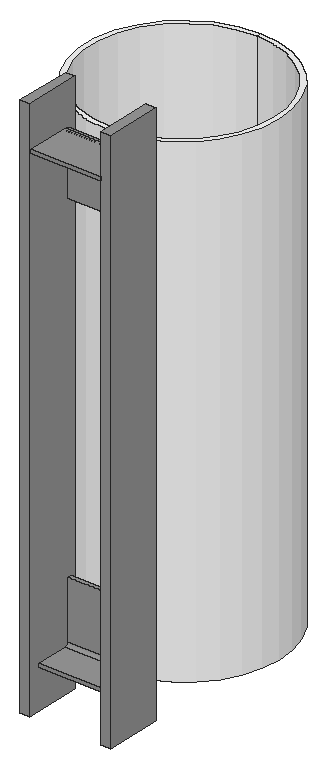
Revit family "Indoor_Wall Lamp_Santa&Cole_TMM Metálica", category Luminarias, Revit 2018
Family settings
  Cota de conector redondo = Diámetro de uso
  Tipo de pieza = Normal
  Número OmniClass = 23.80.70.00
  Título OmniClass = Lighting
  Se basa en plano de trabajo = Sí
  Siempre vertical = Sí
  Corte con vacíos al cargar = No
  Origen de luz = Sí
  Compartido = No
  Punto de cálculo de habitación = No
Parameters (values of type "TMM Metálico")
  Voltaje (90-305 V) = 220 V
  Wattage = 3.16409 W
  URL = "https://www.santacole.com/en/catalogue/wall-lamps/tmm-metalico"
  Technical Information = "https://www.santacole.com/recursos/productos/downloads/pdf_espec_tecnicas/SC_TMM%20metalico_specification%20sheet.pdf"
  built-in parameter 1150110 = 1 (stored number, unit not read)
  Modelo = "TMM Metálico"
  Manufacturer website = "https://www.santacole.com"
  Lampshade Material = none
  built-in parameter 1114217 = 1 (stored number, unit not read)
  built-in parameter 1150109 = 1 (stored number, unit not read)
  Fabricante = "Santa & Cole"
  Energy Label = "https://www.santacole.com/recursos/productos/downloads/pdf_energy_label/Energy%20Label_TMM_without_bulb.pdf"
  Default Elevation = 1219.2 mm
  Designed by = "Miguel Milá. 2002"
  Contact phone = "+34.938.619.100"
  Contact e-mail = "info@santacole.com"
  built-in parameter 1150134 = (empty or 0)
  built-in parameter 1150113 = 1 (stored number, unit not read)
  Lumens = 470 lm
  built-in parameter 1150115 = 1 (stored number, unit not read)
  built-in parameter 1150105 = 37.401 (stored number, unit not read)
  Tamaño de símbolo de origen de luz = 50 mm
  built-in parameter 1150137 = (empty or 0)
  built-in parameter 1150139 = (empty or 0)
  built-in parameter 1150112 = 1 (stored number, unit not read)
  built-in parameter 1150114 = 1 (stored number, unit not read)
  built-in parameter 1150132 = 2
  built-in parameter 1150102 = (empty or 0)
  built-in parameter 1150138 = (empty or 0)
  built-in parameter 1150107 = 2700 (stored number, unit not read)
  built-in parameter 1150106 = 0.37401 (stored number, unit not read)
  built-in parameter 1150104 = 13.8 (stored number, unit not read)
  Code = "ATL15"
  Carga aparente = 4.5 VA
  Dimming Lamp Color Temperature Shift = (empty or 0)
  Color Filter = 16777215
  built-in parameter 1114218 = 1 (stored number, unit not read)
  Assembly instructions - UL = "https://www.santacole.com/recursos/productos/downloads/pdf_montaje/TMM_Metalico_im_UL.pdf"
  Assembly instructions - CE = "https://www.santacole.com/recursos/productos/downloads/pdf_montaje/TMM_Metalico_im_CE.pdf"
  built-in parameter 1150133 = 10 (stored number, unit not read)
Reference planes
  plane 1 "Eje de origen de luz (F/P)": y = 0
  plane 2: z = 0
  plane 3 "Eje de origen de luz (I/D)": x = 0
  plane 4 "Elevación de origen de luz": z = 139.824
Forms (mm)
  Blend 1, solid, not visible
    base sketch origin (36.867, 153.179, 1765.164) x (-0.551937, 0.833886, 0) y (-0.833886, -0.551937, 0)
      loop
        line (-50.966, 0.411) -> (-50.966, -0.489) -> (-50.043, -0.489) -> (-50.043, 0.411) -> (-50.966, 0.411)
    top sketch origin (36.867, 153.179, 1765.164) x (-0.551937, 0.833886, 0) y (-0.833886, -0.551937, 0)
      loop
        line (-47.638, 0.875) -> (-47.638, 1.775) -> (-48.561, 1.775) -> (-48.561, 0.875) -> (-47.638, 0.875)
    from -112.076 to -105.022
  Blend 2, solid, not visible
    base sketch origin (-50.305, 123.446, 1917.584) x (0.96363, 0.267238, 0) y (-0.267238, 0.96363, 0)
      loop
        line (-50.966, 0.411) -> (-50.966, -0.489) -> (-50.043, -0.489) -> (-50.043, 0.411) -> (-50.966, 0.411)
    top sketch origin (-50.305, 123.446, 1917.584) x (0.96363, 0.267238, 0) y (-0.267238, 0.96363, 0)
      loop
        line (-47.638, 0.875) -> (-47.638, 1.775) -> (-48.561, 1.775) -> (-48.561, 0.875) -> (-47.638, 0.875)
    from -112.484 to -105.022
  Sweep 3, solid, not visible
    path origin (294.44, -207.288, 170.345) x (0, -1, 0) y (0, 0, 1)
      loop
        line (-293, 1511.9) -> (-278.776, 1511.9) -> (-221.503, 1484.838)
    profile origin (294.44, 78.6, 1682.245) x (0, 0, 1) y (-1, 0, 0)
      loop
        circle (-1, 330.796) r 1
  Extrusion 4, solid, material "Santa & Cole - Nickel"
    sketch origin (0, 0, 0) x (1, 0, 0) y (0, 0, 1)
      loop
        line (-28, 340) -> (-28, 0) -> (-22, 0) -> (-22, 340) -> (-28, 340)
      loop
        line (28, 0) -> (28, 340) -> (22, 340) -> (22, 0) -> (28, 0)
    from -35 to 0
  Sweep 5, solid, material "Santa & Cole - Nickel"
    path origin (0, 0, 0) x (0, 1, 0) y (0, 0, 1)
      loop
        line (31, 275) -> (31, 311)
        arc (31, 311) -> (29.828, 313.828) -> (27, 315) r 4
        line (27, 315) -> (0, 315)
    profile origin (0, 13.5, 315) x (0, 0, -1) y (1, 0, 0)
      loop
        line (0, -22) -> (2, -22) -> (2, 22) -> (0, 22) -> (0, -22)
  Sweep 6, solid, material "Santa & Cole - Nickel"
    path origin (0, 0, 0) x (0, 1, 0) y (0, 0, 1)
      loop
        line (31, 65) -> (31, 29)
        arc (31, 29) -> (29.828, 26.172) -> (27, 25) r 4
        line (27, 25) -> (6, 25)
    profile origin (0, 16.5, 25) x (0, 0, -1) y (1, 0, 0)
      loop
        line (-2, -22) -> (0, -22) -> (0, 22) -> (-2, 22) -> (-2, -22)
  Extrusion 7, solid, material "Santa & Cole - Nickel"
    sketch origin (0, 0, 0) x (0, 1, 0) y (0, 0, 1)
      loop
        line (100, 51) -> (34, 51) -> (34, 37) -> (100, 37) -> (100, 51)
    from -7 to 7
  Revolve 8, solid
    sketch origin (0, 0, 0) x (0, 1, 0) y (0, 0, 1)
      loop
        line (110.15, 66.7) -> (110.15, 109) -> (91, 109) -> (91, 51) -> (101.35, 51)
        arc (101.35, 51) -> (106.517, 57.445) -> (108.35, 65.5) r 18.429
        line (108.35, 65.5) -> (110.15, 66.7)
      axis (91, 109) -> (91, 51)
    angle from 0 to 360
  Revolve 9, solid, material "Santa & Cole - White Methacrylate"
    sketch origin (0, 0, 0) x (0, 1, 0) y (0, 0, 1)
      loop
        line (148, 20.5) -> (151, 20.5) -> (151, 320.5) -> (148, 320.5) -> (148, 20.5)
      axis (91, 320.5) -> (91, 20.5)
    angle from 0 to 360
Dimensions and locks
  aligned and locked: plane 3 "Eje de origen de luz (I/D)" to imposter light
  aligned and locked: plane 4 "Elevación de origen de luz" to imposter light
  aligned and locked: level to plane 2
Connectors
  electrical at (-25, 0, 170), driven by "Voltaje (90-305 V)", driven by "Carga aparente"
    settings: on Extrusion 4, index 1, voltage 220 V, apparent load 0 VA, apparent load phase1 4.5 VA, apparent load phase2 0 VA, apparent load phase3 0 VA, power factor 1, load classification "Iluminación", number of poles 1, system type 31, power factor state 1, is connector primary yes, connector utility no, sub classification motor no, connector description ""
